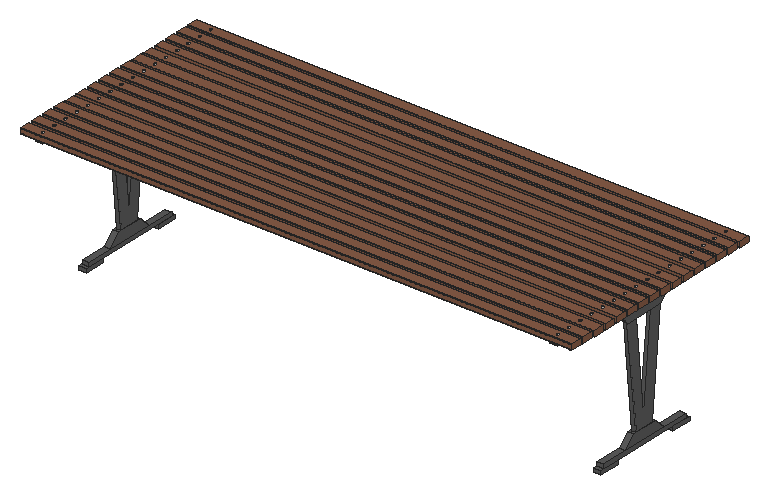
Revit family "FS_Стол_Модерн садовый_R16", category Антураж, Revit 2016
Family settings
  На основе рабочей плоскости = Нет
  Всегда вертикально = Да
  При загрузке вырезать с полостями = Нет
  Источник визуального образа = Геометрия семейства
  Общий = Нет
  Точка расчета площади = Нет
Parameters (values of type "Стол садовый «Модерн» 3.0м")
  Стоимость = 34178
  Комментарии к типоразмеру = "Материалы: сталь, брус"  # constant formula
  Изготовитель = "ООО 'Хоббика'"  # constant formula
  Высота = 0 mm
  URL = "https://hobbyka.ru/product/stol_sadovyi_modern/"
  ADSK_Размер_Ширина = 1200 mm  # constant formula
  ADSK_Размер_Длина = 3000 mm
  ADSK_Размер_Высота = 600 mm  # constant formula
  ADSK_Наименование = "Стол садовый «Модерн» 3.0м"
  ADSK_Материал опоры = FS_Чугун
  ADSK_Материал крепления = FS_Цинк
  ADSK_Материал доски = FS_Древесина
  ADSK_Код изделия = "6732"  # constant formula
Types (3, lengths in mm): name | Стоимость | ADSK_Размер_Длина | ADSK_Наименование
  (no name) | 34178 | 3000 | "Стол садовый «Модерн» 3.0м"
  Стол садовый «Модерн» 3.0м | 34178 | 3000 | "Стол садовый «Модерн» 3.0м"
  Стол садовый «Модерн» 2.0м | 23042 | 2000 | "Стол садовый «Модерн» 2.0м"
Reference planes
  plane 1 "По центру (Вперед/Назад)": y = 0
  plane 2: z = 0
  plane 3 "По центру (Влево/Вправо)": x = 0
  plane 4: x = -1500
  plane 5: x = 1500
  plane 6: x = -1400
  plane 7: x = 1400
Dimensions and locks
  "ADSK_Размер_Длина": plane 4 to plane 5
  equal spacing: plane 4, plane 3 "По центру (Влево/Вправо)", plane 5
  locked: plane 4 to plane 6 at 100
  locked: plane 7 to plane 5 at 100
  aligned and locked: level to plane 2
  aligned and locked: plane 6 to nested 1
  aligned and locked: plane 1 "По центру (Вперед/Назад)" to nested 1
  aligned and locked: plane 7 to nested 2
  aligned and locked: plane 1 "По центру (Вперед/Назад)" to nested 2
  aligned and locked: nested 18 to plane 4
  aligned and locked: nested 17 to plane 4
  aligned and locked: nested 16 to plane 4
  aligned and locked: nested 15 to plane 4
  aligned and locked: nested 14 to plane 4
  aligned and locked: nested 13 to plane 4
  aligned and locked: nested 12 to plane 4
  aligned and locked: nested 11 to plane 4
  aligned and locked: nested 10 to plane 4
  aligned and locked: nested 9 to plane 4
  aligned and locked: nested 8 to plane 4
  aligned and locked: nested 7 to plane 4
  aligned and locked: nested 6 to plane 4
  aligned and locked: nested 5 to plane 4
  aligned and locked: nested 4 to plane 4
  aligned and locked: nested 3 to plane 4
  aligned and locked: plane 5 to nested 3
  aligned and locked: plane 5 to nested 4
  aligned and locked: plane 5 to nested 5
  aligned and locked: plane 5 to nested 6
  aligned and locked: plane 5 to nested 7
  aligned and locked: plane 5 to nested 8
  aligned and locked: nested 9 to plane 5
  aligned and locked: nested 10 to plane 5
  aligned and locked: nested 11 to plane 5
  aligned and locked: nested 12 to plane 5
  aligned and locked: nested 13 to plane 5
  aligned and locked: nested 14 to plane 5
  aligned and locked: nested 15 to plane 5
  aligned and locked: nested 16 to plane 5
  aligned and locked: nested 17 to plane 5
  aligned and locked: nested 18 to plane 5
Nested families
  nested 1: "FS_Стол_Модерн садовый_Опора" at (-1400, 0, 0), type "FS_Стол_Модерн садовый_Опора"
  nested 2: "FS_Стол_Модерн садовый_Опора" at (1400, 0, 0), type "FS_Стол_Модерн садовый_Опора"
  nested 3: "Брус_4 фаски" at (0, 570, 780) x (0, 1, 0) z (1, 0, 0), type "60x30x2"
    with Длина 3000 mm, Ширина 60 mm, Фаска 2 mm, Крепление_Глубина посадки 100 mm
  nested 4: "Брус_4 фаски" at (0, 494, 780) x (0, 1, 0) z (1, 0, 0), type "60x30x2"
    with Длина 3000 mm, Ширина 60 mm, Фаска 2 mm, Крепление_Глубина посадки 100 mm
  nested 5: "Брус_4 фаски" at (0, 418, 780) x (0, 1, 0) z (1, 0, 0), type "60x30x2"
    with Длина 3000 mm, Ширина 60 mm, Фаска 2 mm, Крепление_Глубина посадки 100 mm
  nested 6: "Брус_4 фаски" at (0, 342, 780) x (0, 1, 0) z (1, 0, 0), type "60x30x2"
    with Длина 3000 mm, Ширина 60 mm, Фаска 2 mm, Крепление_Глубина посадки 100 mm
  nested 7: "Брус_4 фаски" at (0, 266, 780) x (0, 1, 0) z (1, 0, 0), type "60x30x2"
    with Длина 3000 mm, Ширина 60 mm, Фаска 2 mm, Крепление_Глубина посадки 100 mm
  nested 8: "Брус_4 фаски" at (0, 190, 780) x (0, 1, 0) z (1, 0, 0), type "60x30x2"
    with Длина 3000 mm, Ширина 60 mm, Фаска 2 mm, Крепление_Глубина посадки 100 mm
  nested 9: "Брус_4 фаски" at (0, 114, 780) x (0, 1, 0) z (1, 0, 0), type "60x30x2"
    with Длина 3000 mm, Ширина 60 mm, Фаска 2 mm, Крепление_Глубина посадки 100 mm
  nested 10: "Брус_4 фаски" at (0, 38, 780) x (0, 1, 0) z (1, 0, 0), type "60x30x2"
    with Длина 3000 mm, Ширина 60 mm, Фаска 2 mm, Крепление_Глубина посадки 100 mm
  nested 11: "Брус_4 фаски" at (0, -38, 780) x (0, 1, 0) z (1, 0, 0), type "60x30x2"
    with Длина 3000 mm, Ширина 60 mm, Фаска 2 mm, Крепление_Глубина посадки 100 mm
  nested 12: "Брус_4 фаски" at (0, -114, 780) x (0, 1, 0) z (1, 0, 0), type "60x30x2"
    with Длина 3000 mm, Ширина 60 mm, Фаска 2 mm, Крепление_Глубина посадки 100 mm
  nested 13: "Брус_4 фаски" at (0, -190, 780) x (0, 1, 0) z (1, 0, 0), type "60x30x2"
    with Длина 3000 mm, Ширина 60 mm, Фаска 2 mm, Крепление_Глубина посадки 100 mm
  nested 14: "Брус_4 фаски" at (0, -266, 780) x (0, 1, 0) z (1, 0, 0), type "60x30x2"
    with Длина 3000 mm, Ширина 60 mm, Фаска 2 mm, Крепление_Глубина посадки 100 mm
  nested 15: "Брус_4 фаски" at (0, -342, 780) x (0, 1, 0) z (1, 0, 0), type "60x30x2"
    with Длина 3000 mm, Ширина 60 mm, Фаска 2 mm, Крепление_Глубина посадки 100 mm
  nested 16: "Брус_4 фаски" at (0, -418, 780) x (0, 1, 0) z (1, 0, 0), type "60x30x2"
    with Длина 3000 mm, Ширина 60 mm, Фаска 2 mm, Крепление_Глубина посадки 100 mm
  nested 17: "Брус_4 фаски" at (0, -494, 780) x (0, 1, 0) z (1, 0, 0), type "60x30x2"
    with Длина 3000 mm, Ширина 60 mm, Фаска 2 mm, Крепление_Глубина посадки 100 mm
  nested 18: "Брус_4 фаски" at (0, -570, 780) x (0, 1, 0) z (1, 0, 0), type "60x30x2"
    with Длина 3000 mm, Ширина 60 mm, Фаска 2 mm, Крепление_Глубина посадки 100 mm
Definition of nested family "FS_Стол_Модерн садовый_Опора"
  Parameters (values of type "FS_Стол_Модерн садовый_Опора")
    ADSK_Материал опоры = none
  Reference planes
    plane 1 "По центру (Вперед/Назад)": y = 0
    plane 2: z = 0
    plane 3 "По центру (Влево/Вправо)": x = 0
  Forms (mm)
    Extrusion 1, solid, material <- "ADSK_Материал опоры"
      sketch origin (0, 0, 0) x (0, 1, 0) y (0, 0, 1)
        loop
          line (55, 96.9) -> (112.282, 652.8) -> (52.282, 652.8) -> (1.685, 161.78) -> (-1.685, 161.78) -> (-52.282, 652.8) -> (-112.282, 652.8) -> (-55, 96.9) -> (55, 96.9)
      from -10 to 10
    Extrusion 2, solid, material <- "ADSK_Материал опоры"
      sketch origin (0, 0, 0) x (0, 1, 0) y (0, 0, 1)
        loop
          line (112.282, 652.8) -> (172.282, 714) -> (-172.282, 714) -> (-112.282, 652.8) -> (112.282, 652.8)
      from -15 to 15
    Extrusion 3, solid, material <- "ADSK_Материал опоры"
      sketch origin (0, 0, 0) x (0, 1, 0) y (0, 0, 1)
        loop
          line (432.282, 714) -> (477.282, 759.9) -> (-477.282, 759.9) -> (-432.282, 714) -> (432.282, 714)
      from -25 to 25
    Extrusion 4, solid, material <- "ADSK_Материал опоры"
      sketch origin (0, 0, 0) x (0, 1, 0) y (0, 0, 1)
        loop
          line (75, 96.9) -> (-75, 96.9) -> (-130, 40.8) -> (130, 40.8) -> (75, 96.9)
      from -16 to 16
    Extrusion 5, solid, material <- "ADSK_Материал опоры"
      sketch origin (0, 0, 0) x (0, 1, 0) y (0, 0, 1)
        loop
          line (280, 20.4) -> (280, 40.8) -> (-280, 40.8) -> (-280, 20.4) -> (280, 20.4)
      from -18 to 18
    Extrusion 6, solid, material <- "ADSK_Материал опоры"
      sketch origin (0, 0, 0) x (0, 1, 0) y (0, 0, 1)
        loop
          line (300, 20.4) -> (190, 20.4) -> (190, 0) -> (300, 0) -> (300, 20.4)
        loop
          line (-300, 20.4) -> (-300, 0) -> (-190, 0) -> (-190, 20.4) -> (-300, 20.4)
      from -20 to 20
    Extrusion 7, solid
      sketch origin (0, 0, 0) x (0, 1, 0) y (0, 0, 1)
        loop
          line (598, 765) -> (-598, 765) -> (-598, 759.9) -> (598, 759.9) -> (598, 765)
      from -20 to 20
  Dimensions and locks
    aligned and locked: level to plane 2
Definition of nested family "Брус_4 фаски"
  Parameters (values of type "50x30x5")
    Ширина = 50 mm
    Фаска = 5 mm
    Толщина = 30 mm
    Default Elevation = 0 mm
    Крепление_Диаметр = 10 mm
    Крепление_Глубина посадки = 30 mm
    Кремление_Видимость = yes
    Длина [instance] = 1000 mm
    ADSK_Материал крепления = none
    ADSK_Материал доски = none
  Reference planes
    plane 1 "По центру (Вперед/Назад)": y = 0
    plane 2: z = 0
    plane 3 "По центру (Влево/Вправо)": x = 0
    plane 4: y = 15
    plane 5: x = 25
    plane 6: x = -25
    plane 7: x = -20
    plane 8: y = 10
    plane 9: x = 20
    plane 10: y = -15
    plane 11: y = -10
    plane 12: z = 500
    plane 13: z = -500
    plane 14: z = 470
    plane 15: z = -470
  Forms (mm)
    Extrusion 1, solid, material <- "ADSK_Материал доски"
      sketch origin (0, 0, 0) x (1, 0, 0) y (0, 1, 0)
        loop
          line (-20, 15) -> (-25, 10) -> (-25, -10.034) -> (-20.034, -15) -> (20, -15) -> (25, -10) -> (25, 10) -> (20, 15) -> (-20, 15)
      from -500 to 500
    Extrusion 2, solid, material <- "ADSK_Материал крепления", visible <- "Кремление_Видимость"
      sketch origin (-50, 15, 1200) x (-1, 0, 0) y (0, 0, 1)
        loop
          circle (-50, -730) r 5
        loop
          circle (-50, -1670) r 5
      from 0 to 1
  Dimensions and locks
    equal spacing: plane 6, plane 3 "По центру (Влево/Вправо)", plane 5
    "Ширина": plane 6 to plane 5
    "Фаска": plane 6 to plane 7
    "Фаска": plane 4 to plane 8
    "Фаска": plane 5 to plane 9
    "Фаска": plane 10 to plane 11
    equal spacing: plane 4, plane 1 "По центру (Вперед/Назад)", plane 10
    "Толщина": plane 4 to plane 10
    equal spacing: plane 13, plane 2, plane 12
    "Длина": plane 13 to plane 12
    "Крепление_Глубина посадки": plane 14 to plane 12
    "Крепление_Глубина посадки": plane 15 to plane 13
    locked: plane 3 "По центру (Влево/Вправо)" to Extrusion 2 sketch curve at 0  (x2)
    locked: plane 14 to Extrusion 2 sketch curve at 0
    locked: plane 15 to Extrusion 2 sketch curve at 0
    "Крепление_Диаметр": diameter of Extrusion 2 sketch curve  (x2)
    aligned and locked: level to plane 2
    aligned and locked: Extrusion 1 sketch curve to plane 4
    aligned and locked: Extrusion 1 sketch curve to plane 6
    aligned and locked: Extrusion 1 sketch curve to plane 5
    aligned and locked: plane 12 to Extrusion 1
    aligned and locked: plane 13 to Extrusion 1
    aligned and locked: Extrusion 1 sketch curve to plane 10
  Automatic sketch dimensions
    Extrusion 1 sketch curve to plane 7 = 0 mm
    Extrusion 1 sketch curve to plane 7 = 0.034 mm
    Extrusion 1 sketch curve to plane 9 = 0 mm  (x2)
    plane 11 to Extrusion 1 sketch curve = 0 mm
    plane 11 to Extrusion 1 sketch curve = 0.034 mm
    Extrusion 1 sketch curve to plane 8 = 0 mm
    plane 8 to Extrusion 1 sketch curve = 0 mm
